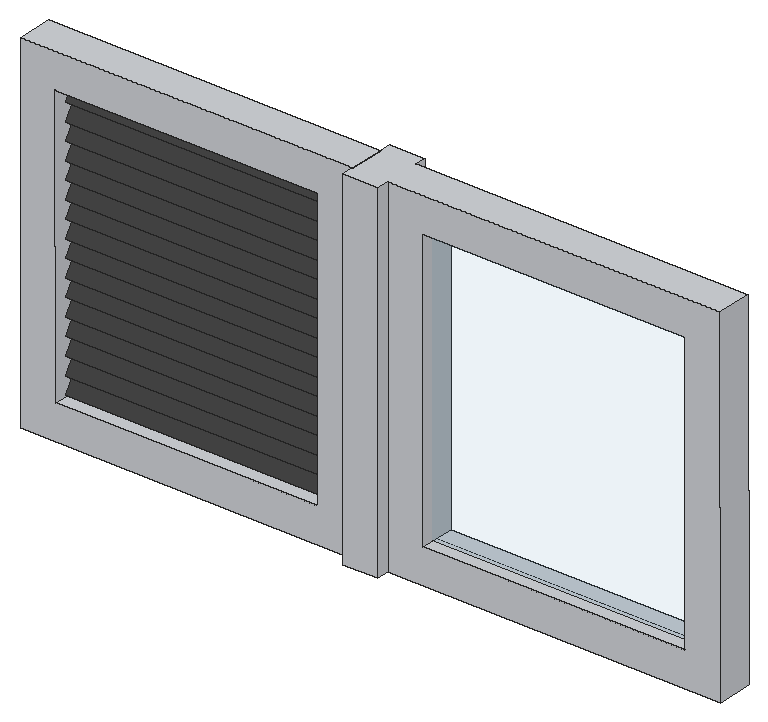
Revit family
Parameters
  Type Comments = "AG"
  Height = 600 mm
  Default Sill Height = 1500 mm
  Wall Closure = (empty or 0)
  Width = 1200 mm
  Assembly Code = ""
Reference planes
  plane 1: y = 0
  plane 2 "Center (Left/Right)": x = 0
  plane 3 "Left": x = -600
  plane 4 "Right": x = 600
  plane 5 "Sill": z = 1500
  plane 6 "Head": z = 2100
  plane 7 "Exterior": y = 75
  plane 8 "Interior": y = -75
  plane 9: z = 2040
Forms (mm)
  Sweep 1, solid
    path origin (630, 75, 0) x (1, 0, 0) y (0, 0, 1)
      loop
        line (-30, 1500) -> (-30, 2100) -> (-600, 2100) -> (-600, 1500) -> (-30, 1500)
    profile origin (315, 75, 1500) x (0, 0, -1) y (0, -1, 0)
      loop
        line (0, 103.521) -> (-60, 103.521) -> (-60, 43.521) -> (0, 43.521) -> (0, 103.521)
  Extrusion 2, solid
    sketch origin (0, 0, 1500) x (0, -1, 0) y (1, 0, 0)
      loop
        line (-50, -30) -> (50, -30) -> (50, 30) -> (-50, 30) -> (-50, -30)
    from 0 to 600
  Sweep 3, solid
    path origin (0, 75, 0) x (1, 0, 0) y (0, 0, 1)
      loop
        line (-30, 1500) -> (-30, 2100) -> (-600, 2100) -> (-600, 1500) -> (-30, 1500)
    profile origin (-315, 75, 1500) x (0, 0, -1) y (0, -1, 0)
      loop
        line (0, 103.521) -> (-60, 103.521) -> (-60, 43.521) -> (0, 43.521) -> (0, 103.521)
  Extrusion 4, solid, material "Glass"
    sketch origin (540, 31.479, 1560) x (-1, 0, 0) y (0, -1, 0)
      loop
        line (450, 40) -> (0, 40) -> (0, 31.416) -> (450, 31.416) -> (450, 40)
    from 0 to 480
  Extrusion 5, solid, material "Wood"
    sketch origin (-540, 31.479, 1560) x (0, 0, 1) y (0, -1, 0)
      loop
        line (478.337, 23.759) -> (453.177, 40.098) -> (451.663, 37.768) -> (476.823, 21.429) -> (478.337, 23.759)
      loop
        line (448.337, 23.759) -> (423.177, 40.098) -> (421.663, 37.768) -> (446.823, 21.429) -> (448.337, 23.759)
      loop
        line (418.337, 23.759) -> (393.177, 40.098) -> (391.663, 37.768) -> (416.823, 21.429) -> (418.337, 23.759)
      loop
        line (388.337, 23.759) -> (363.177, 40.098) -> (361.663, 37.768) -> (386.823, 21.429) -> (388.337, 23.759)
      loop
        line (358.337, 23.759) -> (333.177, 40.098) -> (331.663, 37.768) -> (356.823, 21.429) -> (358.337, 23.759)
      loop
        line (328.337, 23.759) -> (303.177, 40.098) -> (301.663, 37.768) -> (326.823, 21.429) -> (328.337, 23.759)
      loop
        line (298.337, 23.759) -> (273.177, 40.098) -> (271.663, 37.768) -> (296.823, 21.429) -> (298.337, 23.759)
      loop
        line (268.337, 23.759) -> (243.177, 40.098) -> (241.663, 37.768) -> (266.823, 21.429) -> (268.337, 23.759)
      loop
        line (238.337, 23.759) -> (213.177, 40.098) -> (211.663, 37.768) -> (236.823, 21.429) -> (238.337, 23.759)
      loop
        line (208.337, 23.759) -> (183.177, 40.098) -> (181.663, 37.768) -> (206.823, 21.429) -> (208.337, 23.759)
      loop
        line (178.337, 23.759) -> (153.177, 40.098) -> (151.663, 37.768) -> (176.823, 21.429) -> (178.337, 23.759)
      loop
        line (148.337, 23.759) -> (123.177, 40.098) -> (121.663, 37.768) -> (146.823, 21.429) -> (148.337, 23.759)
      loop
        line (118.337, 23.759) -> (93.177, 40.098) -> (91.663, 37.768) -> (116.823, 21.429) -> (118.337, 23.759)
      loop
        line (88.337, 23.759) -> (63.177, 40.098) -> (61.663, 37.768) -> (86.823, 21.429) -> (88.337, 23.759)
      loop
        line (58.337, 23.759) -> (33.177, 40.098) -> (31.663, 37.768) -> (56.823, 21.429) -> (58.337, 23.759)
      loop
        line (28.337, 23.759) -> (3.177, 40.098) -> (1.663, 37.768) -> (26.823, 21.429) -> (28.337, 23.759)
    from 0 to 450
Cuts and joins
  joined: Sweep 1, Extrusion 2
Lines and regions (mm)
  Opening 1
    outline origin (3500, -75, 0) x (1, 0, 0) y (0, 0, 1)
      loop
        line (-2900, 1500) -> (-2900, 2100) -> (-4100, 2100) -> (-4100, 1500) -> (-2900, 1500)
Text (mm)
  text "EXTERIOR" at (-1963.203, 1332.353, 0), in view "Ref. Level"
  text "INTERIOR" at (-1981.466, -818.386, 0), in view "Ref. Level"
  text "Exterior" at (0, 923.751, 2943.296), in view "Right"
  text "Exterior" at (0, 1040.484, 2685.409), in view "Left"
Dimensions and locks
  equal spacing: plane 3 "Left", plane 2 "Center (Left/Right)", plane 4 "Right"
  "Width": plane 3 "Left" to plane 4 "Right"
  "Height": plane 5 "Sill" to plane 6 "Head"
  "Default Sill Height": plane 5 "Sill" to level
  locked: plane 7 "Exterior" to host wall at 0
  locked: plane 8 "Interior" to host wall
Automatic sketch dimensions
  Opening 1 sketch curve to plane 3 "Left" = 0 mm
  Opening 1 sketch curve to plane 4 "Right" = 0 mm
  Opening 1 sketch curve to plane 5 "Sill" = 0 mm
  Opening 1 sketch curve to plane 6 "Head" = 0 mm
  Sweep 1 sketch curve to plane 3 "Left" = 630 mm
  Sweep 1 sketch curve to plane 6 "Head" = 0 mm
  Sweep 1 sketch curve to plane 5 "Sill" = 0 mm
  plane 2 "Center (Left/Right)" to Sweep 1 sketch curve = 600 mm
  Sweep 1 sketch curve to profile plane = 0 mm
  Sweep 1 sketch curve to Sweep 1 sketch curve = 60 mm  (x2)
  plane 7 "Exterior" to Sweep 1 sketch curve = 43.521 mm
  Sweep 3 sketch curve to plane 5 "Sill" = 0 mm
  Sweep 3 sketch curve to plane 6 "Head" = 0 mm
  plane 4 "Right" to Sweep 3 sketch curve = 630 mm
  Sweep 3 sketch curve to plane 2 "Center (Left/Right)" = 600 mm
  Sweep 3 sketch curve to profile plane = 0 mm
  profile plane to Sweep 3 sketch curve = 60 mm
  plane 7 "Exterior" to Sweep 3 sketch curve = 43.521 mm
  Sweep 3 sketch curve to Sweep 3 sketch curve = 60 mm
  Extrusion 2 sketch curve to host wall = 25 mm  (x2)
  Extrusion 2 sketch curve to plane 2 "Center (Left/Right)" = 30 mm
  plane 2 "Center (Left/Right)" to Extrusion 2 sketch curve = 30 mm
  Extrusion 4 sketch curve to Sweep 1 = 0 mm  (x2)
  Sweep 1 to Extrusion 4 sketch curve = 31.416 mm
  Extrusion 4 sketch curve to Extrusion 4 sketch curve = 8.584 mm
  Extrusion 5 sketch curve to Sweep 3 = 1.663 mm
  Extrusion 5 sketch curve to Extrusion 5 sketch curve = 1.513 mm  (x16)
  Extrusion 5 sketch curve to Sweep 3 = 26.823 mm
  Extrusion 5 sketch curve to Extrusion 5 sketch curve = 3.327 mm  (x15)
  Extrusion 5 sketch curve to Sweep 3 = 19.902 mm  (x15)
  Extrusion 5 sketch curve to Sweep 3 = 21.429 mm  (x15)
  Extrusion 5 sketch curve to Extrusion 5 sketch curve = 28.487 mm
  Extrusion 5 sketch curve to Sweep 3 = 22.232 mm  (x13)
  Extrusion 5 sketch curve to Sweep 3 = 3.177 mm
  Extrusion 5 sketch curve to Extrusion 5 sketch curve = 16.339 mm
  Extrusion 5 sketch curve to Extrusion 5 sketch curve = 2.33 mm
